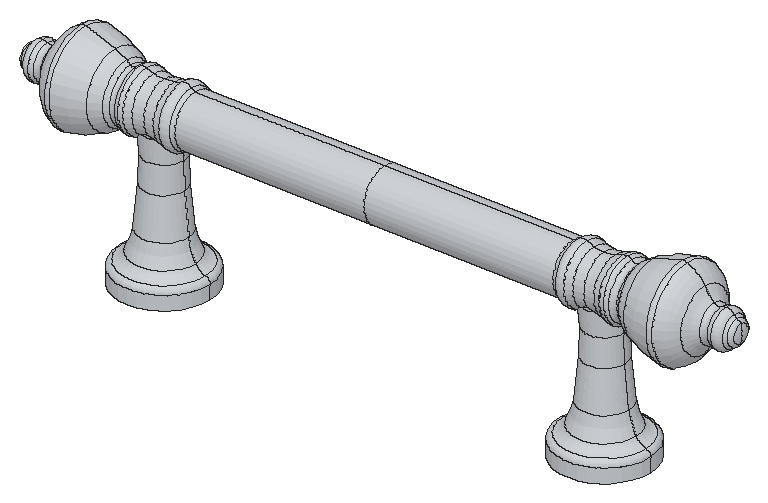
Revit family "Accessory-Cabinet_Pull-KOHLER-Kelston-K-13554", category Specialty Equipment, host Face, Revit 2015
Parameters (values of type "CP-Polished Chrome")
  Width = 1 3/8"  # constant formula
  URL = "https://www.us.kohler.com/us/"
  Type = 1
  Product Page URL = "http://www.us.kohler.com/us/catalog/productDetails.jsp?productNumber=13554"
  Product Name = "Kelston"  # constant formula
  Product Documentation Link = "http://www.us.kohler.com/onlinecatalog/pdf/K-13554_spec.pdf"
  Model = if(Type = 1, "K-13554-CP", if(Type = 2, "K-13554-BN", if(Type = 3, "K-13554-2BZ", "NA")))  # "K-13554-CP"
  Material = "Premium Metal Construction"  # constant formula
  MasterFormat 2004 = "10.28.13"  # constant formula
  MasterFormat 1995 = "10820"  # constant formula
  Manufacturer Address = "444 Highland Dr, Kohler, WI 53044"  # constant formula
  Manufacturer = "KOHLER Co."  # constant formula
  Length = 4 7/8"  # constant formula
  Height = 5/8"  # constant formula
  Finish = Kohler-Metal-CP-Polished_Chrome
  Environmental Product Declaration = ""
  Description = "Pull"  # constant formula
  Default Elevation = 42"
  Declare Label = ""
  Date Modified = "12/03/2018"  # constant formula
  Date Created = "12/03/2018"  # constant formula
  Copyright = "Copyright KOHLER Co."  # constant formula
  Contact Us = "https://www.us.kohler.com/us/static/contact.jsp"
  Assembly Code = "C1030200"
  ADA Compliant = 1 = 0  # no
Types (4): name | Type | Model | Finish
  (no name) | 1 | "K-13554-CP" | Kohler-Metal-CP-Polished_Chrome
  CP-Polished Chrome | 1 | "K-13554-CP" | Kohler-Metal-CP-Polished_Chrome
  BN-Vibrant Brushed Nickel | 2 | "K-13554-BN" | Kohler-Metal-BN-Vibrant_Brushed_Nickel
  2BZ-Oil_Rubbed Bronze | 3 | "K-13554-2BZ" | Kohler-Metal-2BZ-Oil_Rubbed_Bronze
Reference planes (in)
  plane 1 "Center (Front/Back)": y = 0
  plane 2: z = 0
  plane 3 "Center (Left/Right)": x = 0
  plane 4: x = -2.4375
  plane 5: y = -0.3125
  plane 6: y = 0.3125
  plane 7: x = 2.4375
  plane 8: z = 1.375
Dimensions and locks (in)
  "Length": plane 7 to plane 4
  "Width": level to plane 8
  "Height": plane 5 to plane 6
  aligned and locked: host face to plane 2
  aligned and locked: host face to level
Automatic sketch dimensions
  host sketch curve to host sketch curve = 96"  (x2)
Nested families (in)
  nested 1: "K-13554" at (0, 0, 0), type "K-13554"
Definition of nested family "K-13554"
  Parameters (values of type "K-13554")
    Material = none
  Reference planes (in)
    plane 1 "Center (Front/Back)": y = 0
    plane 2: z = 0
    plane 3 "Center (Left/Right)": x = 0
    plane 4: x = -1.5
    plane 5: x = 1.5
    plane 6: x = 1.1875
    plane 7: x = 1.8125
    plane 8: x = -1.8125
    plane 9: x = -1.1875
    plane 10: y = -0.3125
    plane 11: y = 0.3125
    plane 12: z = 1.375
    plane 13: x = -2.4375
    plane 14: x = 2.4375
    plane 15: z = 0.75
  Forms (in)
    Revolve 1, solid, material <- "Material", detail levels medium+fine
      sketch origin (0, 0, 0) x (1, 0, 0) y (0, 0, 1)
        loop
          line (-1.5, 1.0354) -> (-1.5, 0) -> (-1.1875, 0) -> (-1.1875, 0.0944)
          arc (-1.1875, 0.0944) -> (-1.19652, 0.12066) -> (-1.21978, 0.13584) r 0.04273
          arc (-1.21978, 0.13584) -> (-1.25881, 0.15489) -> (-1.28687, 0.18803) r 0.10565
          arc (-1.28687, 0.18803) -> (-1.31693, 0.25806) -> (-1.33394, 0.33233) r 0.42321
          arc (-1.33394, 0.33233) -> (-1.3502, 0.4688) -> (-1.36198, 0.60573) r 4.19051
          arc (-1.36198, 0.60573) -> (-1.36609, 0.69768) -> (-1.36564, 0.78972) r 1.8583
          arc (-1.36564, 0.78972) -> (-1.36169, 0.8676) -> (-1.35448, 0.94524) r 1.8583
          arc (-1.35448, 0.94524) -> (-1.35063, 0.99025) -> (-1.34935, 1.0354) r 0.79541
          line (-1.34935, 1.0354) -> (-1.5, 1.0354)
        axis (-1.5, 1.0354) -> (-1.5, 0)
      angle from 0 to 360
    Revolve 2, solid, material <- "Material", detail levels medium+fine
      sketch origin (0, 0, 0) x (-1, 0, 0) y (0, 0, 1)
        loop
          line (-1.5, 1.0354) -> (-1.5, 0) -> (-1.1875, 0) -> (-1.1875, 0.0944)
          arc (-1.1875, 0.0944) -> (-1.19652, 0.12066) -> (-1.21978, 0.13584) r 0.04273
          arc (-1.21978, 0.13584) -> (-1.25881, 0.15489) -> (-1.28687, 0.18803) r 0.10565
          arc (-1.28687, 0.18803) -> (-1.31693, 0.25806) -> (-1.33394, 0.33233) r 0.42321
          arc (-1.33394, 0.33233) -> (-1.3502, 0.4688) -> (-1.36198, 0.60573) r 4.19051
          arc (-1.36198, 0.60573) -> (-1.36609, 0.69768) -> (-1.36564, 0.78972) r 1.8583
          arc (-1.36564, 0.78972) -> (-1.36169, 0.8676) -> (-1.35448, 0.94524) r 1.8583
          arc (-1.35448, 0.94524) -> (-1.35063, 0.99025) -> (-1.34935, 1.0354) r 0.79541
          line (-1.34935, 1.0354) -> (-1.5, 1.0354)
        axis (-1.5, 1.0354) -> (-1.5, 0)
      angle from 0 to 360
    Revolve 3, solid, material <- "Material", detail levels medium+fine
      sketch origin (0, 0, 0) x (1, 0, 0) y (0, 0, 1)
        loop
          line (-2.4375, 1.0625) -> (2.4375, 1.0625)
          arc (2.4375, 1.0625) -> (2.43543, 1.09317) -> (2.42819, 1.12304) r 0.18099
          arc (2.42819, 1.12304) -> (2.41874, 1.13748) -> (2.40341, 1.1454) r 0.03393
          arc (2.40341, 1.1454) -> (2.3895, 1.15169) -> (2.37925, 1.16299) r 0.0375
          arc (2.37925, 1.16299) -> (2.3572, 1.1837) -> (2.32746, 1.18923) r 0.05376
          arc (2.32746, 1.18923) -> (2.31057, 1.18591) -> (2.29458, 1.17954) r 0.09307
          arc (2.29458, 1.17954) -> (2.26702, 1.17517) -> (2.24216, 1.18785) r 0.0451
          arc (2.24216, 1.18785) -> (2.20928, 1.22554) -> (2.18176, 1.26731) r 0.37188
          arc (2.18176, 1.26731) -> (2.13264, 1.32837) -> (2.06663, 1.3706) r 0.24272
          arc (2.06663, 1.3706) -> (2.05007, 1.37499) -> (2.03295, 1.37435) r 0.05809
          arc (2.03295, 1.37435) -> (1.92968, 1.34836) -> (1.83039, 1.30987) r 0.86524
          arc (1.83039, 1.30987) -> (1.79135, 1.28906) -> (1.755, 1.26384) r 0.3787
          arc (1.755, 1.26384) -> (1.74269, 1.25433) -> (1.73023, 1.245) r 1.04594
          arc (1.73023, 1.245) -> (1.70509, 1.23863) -> (1.68267, 1.25165) r 0.03434
          arc (1.68267, 1.25165) -> (1.67045, 1.26219) -> (1.65506, 1.26709) r 0.04027
          arc (1.65506, 1.26709) -> (1.63851, 1.26672) -> (1.6226, 1.26216) r 0.06462
          arc (1.6226, 1.26216) -> (1.59786, 1.2529) -> (1.57234, 1.24612) r 0.26761
          arc (1.57234, 1.24612) -> (1.53532, 1.24058) -> (1.49791, 1.23962) r 0.30461
          arc (1.49791, 1.23962) -> (1.46321, 1.24184) -> (1.42869, 1.24602) r 0.61651
          arc (1.42869, 1.24602) -> (1.40312, 1.25184) -> (1.37872, 1.26145) r 0.17381
          arc (1.37872, 1.26145) -> (1.34541, 1.26595) -> (1.31588, 1.24989) r 0.05404
          arc (1.31588, 1.24989) -> (1.30278, 1.24072) -> (1.28712, 1.23749) r 0.03953
          line (1.28712, 1.23749) -> (0, 1.23749) -> (-1.28712, 1.23749)
          arc (-1.28712, 1.23749) -> (-1.30278, 1.24072) -> (-1.31588, 1.24989) r 0.03953
          arc (-1.31588, 1.24989) -> (-1.34541, 1.26595) -> (-1.37872, 1.26145) r 0.05404
          arc (-1.37872, 1.26145) -> (-1.40312, 1.25184) -> (-1.42869, 1.24602) r 0.17381
          arc (-1.42869, 1.24602) -> (-1.46321, 1.24184) -> (-1.49791, 1.23962) r 0.61651
          arc (-1.49791, 1.23962) -> (-1.53532, 1.24058) -> (-1.57234, 1.24612) r 0.30461
          arc (-1.57234, 1.24612) -> (-1.59786, 1.2529) -> (-1.6226, 1.26216) r 0.26761
          arc (-1.6226, 1.26216) -> (-1.63851, 1.26672) -> (-1.65506, 1.26709) r 0.06462
          arc (-1.65506, 1.26709) -> (-1.67045, 1.26219) -> (-1.68267, 1.25165) r 0.04027
          arc (-1.68267, 1.25165) -> (-1.70509, 1.23863) -> (-1.73023, 1.245) r 0.03434
          arc (-1.73023, 1.245) -> (-1.74269, 1.25433) -> (-1.755, 1.26384) r 1.04594
          arc (-1.755, 1.26384) -> (-1.79135, 1.28906) -> (-1.83039, 1.30987) r 0.3787
          arc (-1.83039, 1.30987) -> (-1.92968, 1.34836) -> (-2.03295, 1.37435) r 0.86524
          arc (-2.03295, 1.37435) -> (-2.05007, 1.37499) -> (-2.06663, 1.3706) r 0.05809
          arc (-2.06663, 1.3706) -> (-2.13264, 1.32837) -> (-2.18176, 1.26731) r 0.24272
          arc (-2.18176, 1.26731) -> (-2.20928, 1.22554) -> (-2.24216, 1.18785) r 0.37188
          arc (-2.24216, 1.18785) -> (-2.26702, 1.17517) -> (-2.29458, 1.17954) r 0.0451
          arc (-2.29458, 1.17954) -> (-2.31057, 1.18591) -> (-2.32746, 1.18923) r 0.09307
          arc (-2.32746, 1.18923) -> (-2.3572, 1.1837) -> (-2.37925, 1.16299) r 0.05376
          arc (-2.37925, 1.16299) -> (-2.3895, 1.15169) -> (-2.40341, 1.1454) r 0.0375
          arc (-2.40341, 1.1454) -> (-2.41874, 1.13748) -> (-2.42819, 1.12304) r 0.03393
          arc (-2.42819, 1.12304) -> (-2.43543, 1.09317) -> (-2.4375, 1.0625) r 0.18099
        axis (-2.4375, 1.0625) -> (2.4375, 1.0625)
      angle from 0 to 360
    Revolve 4, solid, material <- "Material", detail levels coarse
      sketch origin (0, 0, 0) x (1, 0, 0) y (0, 0, 1)
        loop
          line (-1.5, 0) -> (-1.1875, 0) -> (-1.1875, 0.21687) -> (-1.30108, 0.21687) -> (-1.30108, 1.03155) -> (-1.5, 1.03155) -> (-1.5, 0)
        axis (-1.5, 1.03155) -> (-1.5, 0)
      angle from 0 to 360
    Revolve 5, solid, material <- "Material", detail levels coarse
      sketch origin (0, 0, 0) x (1, 0, 0) y (0, 0, 1)
        loop
          line (-2.4375, 1.06251) -> (2.4375, 1.06251) -> (2.4375, 1.18786) -> (2.24216, 1.18786) -> (2.24216, 1.375) -> (1.73319, 1.375) -> (1.73319, 1.2671) -> (0, 1.2671) -> (-1.73319, 1.2671) -> (-1.73319, 1.375) -> (-2.24216, 1.375) -> (-2.24216, 1.18786) -> (-2.4375, 1.18786) -> (-2.4375, 1.06251)
        axis (2.4375, 1.06251) -> (-2.4375, 1.06251)
      angle from 0 to 360
    Revolve 6, solid, material <- "Material", detail levels coarse
      sketch origin (0, 0, 0) x (-1, 0, 0) y (0, 0, 1)
        loop
          line (-1.5, 0) -> (-1.1875, 0) -> (-1.1875, 0.21687) -> (-1.30108, 0.21687) -> (-1.30108, 1.03155) -> (-1.5, 1.03155) -> (-1.5, 0)
        axis (-1.5, 1.03155) -> (-1.5, 0)
      angle from 0 to 360
  Cuts and joins
    joined: Revolve 1, Revolve 2, Revolve 3
    joined: Revolve 4, Revolve 5, Revolve 6
  Lines and regions (in)
    Masking region 1
      outline origin (0, 0, 0) x (1, 0, 0) y (0, 0, 1)
        loop
          line (-1.5, 0) -> (-1.1875, 0) -> (-1.1875, 0.0944)
          arc (-1.1875, 0.0944) -> (-1.19652, 0.12066) -> (-1.21978, 0.13584) r 0.04273
          arc (-1.21978, 0.13584) -> (-1.25881, 0.15489) -> (-1.28687, 0.18803) r 0.10565
          arc (-1.28687, 0.18803) -> (-1.31693, 0.25806) -> (-1.33394, 0.33233) r 0.42321
          arc (-1.33394, 0.33233) -> (-1.3502, 0.4688) -> (-1.36198, 0.60573) r 4.19051
          arc (-1.36198, 0.60573) -> (-1.36609, 0.69768) -> (-1.36564, 0.78972) r 1.8583
          arc (-1.36564, 0.78972) -> (-1.36429, 0.82419) -> (-1.36231, 0.85864) r 1.8583
          arc (-1.36231, 0.85864) -> (-1.33711, 0.86128) -> (-1.31588, 0.87512) r 0.05404
          arc (-1.31588, 0.87512) -> (-1.30278, 0.88429) -> (-1.28712, 0.88753) r 0.03953
          line (-1.28712, 0.88753) -> (0, 0.88753) -> (1.28712, 0.88753)
          arc (1.28712, 0.88753) -> (1.30278, 0.88429) -> (1.31588, 0.87512) r 0.03953
          arc (1.31588, 0.87512) -> (1.33711, 0.86128) -> (1.36231, 0.85864) r 0.05404
          arc (1.36231, 0.85864) -> (1.36429, 0.82419) -> (1.36564, 0.78972) r 1.8583
          arc (1.36564, 0.78972) -> (1.36609, 0.69768) -> (1.36198, 0.60573) r 1.8583
          arc (1.36198, 0.60573) -> (1.3502, 0.4688) -> (1.33394, 0.33233) r 4.19051
          arc (1.33394, 0.33233) -> (1.31693, 0.25806) -> (1.28687, 0.18803) r 0.42321
          arc (1.28687, 0.18803) -> (1.25881, 0.15489) -> (1.21978, 0.13584) r 0.10565
          arc (1.21978, 0.13584) -> (1.19652, 0.12066) -> (1.1875, 0.0944) r 0.04273
          line (1.1875, 0.0944) -> (1.1875, 0) -> (1.5, 0) -> (1.8125, 0) -> (1.8125, 0.0944)
          arc (1.8125, 0.0944) -> (1.80348, 0.12066) -> (1.78022, 0.13584) r 0.04273
          arc (1.78022, 0.13584) -> (1.74119, 0.15489) -> (1.71313, 0.18803) r 0.10565
          arc (1.71313, 0.18803) -> (1.68307, 0.25806) -> (1.66606, 0.33233) r 0.42321
          arc (1.66606, 0.33233) -> (1.6498, 0.4688) -> (1.63802, 0.60573) r 4.19051
          arc (1.63802, 0.60573) -> (1.63391, 0.69768) -> (1.63436, 0.78972) r 1.8583
          arc (1.63436, 0.78972) -> (1.6357, 0.82408) -> (1.63768, 0.85841) r 1.8583
          arc (1.63768, 0.85841) -> (1.66246, 0.85902) -> (1.68267, 0.87336) r 0.04244
          arc (1.68267, 0.87336) -> (1.70509, 0.88639) -> (1.73023, 0.88002) r 0.03434
          arc (1.73023, 0.88002) -> (1.74269, 0.87069) -> (1.755, 0.86118) r 1.04594
          arc (1.755, 0.86118) -> (1.79135, 0.83595) -> (1.83039, 0.81514) r 0.3787
          arc (1.83039, 0.81514) -> (1.87786, 0.79499) -> (1.92644, 0.7777) r 0.86524
          arc (1.92644, 0.7777) -> (1.98332, 0.76169) -> (2.04125, 0.75003) r 0.78137
          arc (2.04125, 0.75003) -> (2.07562, 0.75981) -> (2.10713, 0.77666) r 0.16771
          arc (2.10713, 0.77666) -> (2.1491, 0.81289) -> (2.18176, 0.8577) r 0.24272
          arc (2.18176, 0.8577) -> (2.20928, 0.89947) -> (2.24216, 0.93717) r 0.37188
          arc (2.24216, 0.93717) -> (2.26702, 0.94985) -> (2.29458, 0.94548) r 0.0451
          arc (2.29458, 0.94548) -> (2.31057, 0.9391) -> (2.32746, 0.93578) r 0.09307
          arc (2.32746, 0.93578) -> (2.3572, 0.94131) -> (2.37925, 0.96202) r 0.05376
          arc (2.37925, 0.96202) -> (2.3895, 0.97332) -> (2.40341, 0.97961) r 0.0375
          arc (2.40341, 0.97961) -> (2.41874, 0.98753) -> (2.42819, 1.00197) r 0.03393
          arc (2.42819, 1.00197) -> (2.43543, 1.03184) -> (2.4375, 1.06251) r 0.18099
          arc (2.4375, 1.06251) -> (2.43543, 1.09318) -> (2.42819, 1.12306) r 0.18099
          arc (2.42819, 1.12306) -> (2.41874, 1.1375) -> (2.40341, 1.14542) r 0.03393
          arc (2.40341, 1.14542) -> (2.3895, 1.1517) -> (2.37925, 1.16301) r 0.0375
          arc (2.37925, 1.16301) -> (2.3572, 1.18372) -> (2.32746, 1.18925) r 0.05376
          arc (2.32746, 1.18925) -> (2.31057, 1.18593) -> (2.29458, 1.17955) r 0.09307
          arc (2.29458, 1.17955) -> (2.26702, 1.17518) -> (2.24216, 1.18786) r 0.0451
          arc (2.24216, 1.18786) -> (2.20928, 1.22556) -> (2.18176, 1.26733) r 0.37188
          arc (2.18176, 1.26733) -> (2.1491, 1.31214) -> (2.10713, 1.34837) r 0.24272
          arc (2.10713, 1.34837) -> (2.07562, 1.36521) -> (2.04125, 1.375) r 0.16771
          arc (2.04125, 1.375) -> (1.98332, 1.36334) -> (1.92644, 1.34733) r 0.78137
          arc (1.92644, 1.34733) -> (1.87786, 1.33004) -> (1.83039, 1.30989) r 0.86524
          arc (1.83039, 1.30989) -> (1.79135, 1.28908) -> (1.755, 1.26385) r 0.3787
          arc (1.755, 1.26385) -> (1.74269, 1.25434) -> (1.73023, 1.24501) r 1.04594
          arc (1.73023, 1.24501) -> (1.70509, 1.23864) -> (1.68267, 1.25167) r 0.03434
          arc (1.68267, 1.25167) -> (1.67045, 1.26221) -> (1.65506, 1.2671) r 0.04027
          arc (1.65506, 1.2671) -> (1.63851, 1.26673) -> (1.6226, 1.26217) r 0.06462
          arc (1.6226, 1.26217) -> (1.59786, 1.25291) -> (1.57234, 1.24613) r 0.26761
          arc (1.57234, 1.24613) -> (1.53532, 1.24059) -> (1.49791, 1.23963) r 0.30461
          arc (1.49791, 1.23963) -> (1.46321, 1.24185) -> (1.42869, 1.24603) r 0.61651
          arc (1.42869, 1.24603) -> (1.40312, 1.25186) -> (1.37872, 1.26146) r 0.17381
          arc (1.37872, 1.26146) -> (1.34541, 1.26597) -> (1.31588, 1.2499) r 0.05404
          arc (1.31588, 1.2499) -> (1.30278, 1.24073) -> (1.28712, 1.2375) r 0.03953
          line (1.28712, 1.2375) -> (0, 1.2375) -> (-1.28712, 1.2375)
          arc (-1.28712, 1.2375) -> (-1.30278, 1.24073) -> (-1.31588, 1.2499) r 0.03953
          arc (-1.31588, 1.2499) -> (-1.34541, 1.26597) -> (-1.37872, 1.26146) r 0.05404
          arc (-1.37872, 1.26146) -> (-1.40312, 1.25186) -> (-1.42869, 1.24603) r 0.17381
          arc (-1.42869, 1.24603) -> (-1.46321, 1.24185) -> (-1.49791, 1.23963) r 0.61651
          arc (-1.49791, 1.23963) -> (-1.53532, 1.24059) -> (-1.57234, 1.24613) r 0.30461
          arc (-1.57234, 1.24613) -> (-1.59786, 1.25291) -> (-1.6226, 1.26217) r 0.26761
          arc (-1.6226, 1.26217) -> (-1.63851, 1.26673) -> (-1.65506, 1.2671) r 0.06462
          arc (-1.65506, 1.2671) -> (-1.67045, 1.26221) -> (-1.68267, 1.25167) r 0.04027
          arc (-1.68267, 1.25167) -> (-1.70509, 1.23864) -> (-1.73023, 1.24501) r 0.03434
          arc (-1.73023, 1.24501) -> (-1.74269, 1.25434) -> (-1.755, 1.26385) r 1.04594
          arc (-1.755, 1.26385) -> (-1.79135, 1.28908) -> (-1.83039, 1.30989) r 0.3787
          arc (-1.83039, 1.30989) -> (-1.87689, 1.32967) -> (-1.92447, 1.3467) r 0.86524
          arc (-1.92447, 1.3467) -> (-1.98444, 1.36342) -> (-2.04562, 1.375) r 0.73287
          arc (-2.04562, 1.375) -> (-2.0806, 1.36311) -> (-2.11256, 1.34456) r 0.18673
          arc (-2.11256, 1.34456) -> (-2.15133, 1.30968) -> (-2.18176, 1.26733) r 0.24272
          arc (-2.18176, 1.26733) -> (-2.20928, 1.22556) -> (-2.24216, 1.18786) r 0.37188
          arc (-2.24216, 1.18786) -> (-2.26702, 1.17518) -> (-2.29458, 1.17955) r 0.0451
          arc (-2.29458, 1.17955) -> (-2.31057, 1.18593) -> (-2.32746, 1.18925) r 0.09307
          arc (-2.32746, 1.18925) -> (-2.3572, 1.18372) -> (-2.37925, 1.16301) r 0.05376
          arc (-2.37925, 1.16301) -> (-2.3895, 1.1517) -> (-2.40341, 1.14542) r 0.0375
          arc (-2.40341, 1.14542) -> (-2.41874, 1.1375) -> (-2.42819, 1.12306) r 0.03393
          arc (-2.42819, 1.12306) -> (-2.43543, 1.09318) -> (-2.4375, 1.06251) r 0.18099
          arc (-2.4375, 1.06251) -> (-2.43543, 1.03184) -> (-2.42819, 1.00197) r 0.18099
          arc (-2.42819, 1.00197) -> (-2.41874, 0.98753) -> (-2.40341, 0.97961) r 0.03393
          arc (-2.40341, 0.97961) -> (-2.3895, 0.97332) -> (-2.37925, 0.96202) r 0.0375
          arc (-2.37925, 0.96202) -> (-2.3572, 0.94131) -> (-2.32746, 0.93578) r 0.05376
          arc (-2.32746, 0.93578) -> (-2.31057, 0.9391) -> (-2.29458, 0.94548) r 0.09307
          arc (-2.29458, 0.94548) -> (-2.26702, 0.94985) -> (-2.24216, 0.93717) r 0.0451
          arc (-2.24216, 0.93717) -> (-2.20928, 0.89947) -> (-2.18176, 0.8577) r 0.37188
          arc (-2.18176, 0.8577) -> (-2.15133, 0.81535) -> (-2.11256, 0.78047) r 0.24272
          arc (-2.11256, 0.78047) -> (-2.0806, 0.76192) -> (-2.04562, 0.75003) r 0.18673
          arc (-2.04562, 0.75003) -> (-1.98444, 0.76161) -> (-1.92447, 0.77833) r 0.73287
          arc (-1.92447, 0.77833) -> (-1.87689, 0.79536) -> (-1.83039, 0.81514) r 0.86524
          arc (-1.83039, 0.81514) -> (-1.79135, 0.83595) -> (-1.755, 0.86118) r 0.3787
          arc (-1.755, 0.86118) -> (-1.74269, 0.87069) -> (-1.73023, 0.88002) r 1.04594
          arc (-1.73023, 0.88002) -> (-1.70509, 0.88639) -> (-1.68267, 0.87336) r 0.03434
          arc (-1.68267, 0.87336) -> (-1.66239, 0.8594) -> (-1.63777, 0.85986) r 0.04027
          arc (-1.63777, 0.85986) -> (-1.63574, 0.82481) -> (-1.63436, 0.78972) r 1.8583
          arc (-1.63436, 0.78972) -> (-1.63391, 0.69768) -> (-1.63802, 0.60573) r 1.8583
          arc (-1.63802, 0.60573) -> (-1.6498, 0.4688) -> (-1.66606, 0.33233) r 4.19051
          arc (-1.66606, 0.33233) -> (-1.68307, 0.25806) -> (-1.71313, 0.18803) r 0.42321
          arc (-1.71313, 0.18803) -> (-1.74119, 0.15489) -> (-1.78022, 0.13584) r 0.10565
          arc (-1.78022, 0.13584) -> (-1.80348, 0.12066) -> (-1.8125, 0.0944) r 0.04273
          line (-1.8125, 0.0944) -> (-1.8125, 0) -> (-1.5, 0)
    Masking region 2
      outline origin (0, 0, 0) x (0, 1, 0) y (0, 0, 1)
        loop
          line (0, 0) -> (0.3125, 0) -> (0.3125, 0.0944)
          arc (0.3125, 0.0944) -> (0.30348, 0.12066) -> (0.28022, 0.13584) r 0.04273
          arc (0.28022, 0.13584) -> (0.24119, 0.15489) -> (0.21313, 0.18803) r 0.10565
          arc (0.21313, 0.18803) -> (0.18307, 0.25806) -> (0.16606, 0.33233) r 0.42321
          arc (0.16606, 0.33233) -> (0.1498, 0.4688) -> (0.13802, 0.60573) r 4.19051
          arc (0.13802, 0.60573) -> (0.13401, 0.69294) -> (0.13411, 0.78024) r 1.8583
          arc (0.13411, 0.78024) -> (0.26433, 0.8958) -> (0.3125, 1.06311) r 0.3125
          arc (0.3125, 1.06311) -> (0.22076, 1.28369) -> (0, 1.375) r 0.3125
          arc (0, 1.375) -> (-0.22076, 1.28369) -> (-0.3125, 1.06311) r 0.3125
          arc (-0.3125, 1.06311) -> (-0.26433, 0.8958) -> (-0.13411, 0.78024) r 0.3125
          arc (-0.13411, 0.78024) -> (-0.13401, 0.69294) -> (-0.13802, 0.60573) r 1.8583
          arc (-0.13802, 0.60573) -> (-0.1498, 0.4688) -> (-0.16606, 0.33233) r 4.19051
          arc (-0.16606, 0.33233) -> (-0.18307, 0.25806) -> (-0.21313, 0.18803) r 0.42321
          arc (-0.21313, 0.18803) -> (-0.24119, 0.15489) -> (-0.28022, 0.13584) r 0.10565
          arc (-0.28022, 0.13584) -> (-0.30348, 0.12066) -> (-0.3125, 0.0944) r 0.04273
          line (-0.3125, 0.0944) -> (-0.3125, 0) -> (0, 0)
    Masking region 3
      outline origin (0, 0, 0) x (1, 0, 0) y (0, 1, 0)
        loop
          arc (-2.37925, 0.10049) -> (-2.3895, 0.08919) -> (-2.40341, 0.0829) r 0.0375
          arc (-2.40341, 0.0829) -> (-2.41874, 0.07498) -> (-2.42819, 0.06054) r 0.03393
          arc (-2.42819, 0.06054) -> (-2.43543, 0.03067) -> (-2.4375, 0) r 0.18099
          arc (-2.4375, 0) -> (-2.43543, -0.03067) -> (-2.42819, -0.06054) r 0.18099
          arc (-2.42819, -0.06054) -> (-2.41874, -0.07498) -> (-2.40341, -0.0829) r 0.03393
          arc (-2.40341, -0.0829) -> (-2.3895, -0.08919) -> (-2.37925, -0.10049) r 0.0375
          arc (-2.37925, -0.10049) -> (-2.3572, -0.1212) -> (-2.32746, -0.12673) r 0.05376
          arc (-2.32746, -0.12673) -> (-2.31057, -0.12341) -> (-2.29458, -0.11704) r 0.09307
          arc (-2.29458, -0.11704) -> (-2.26702, -0.11267) -> (-2.24216, -0.12535) r 0.0451
          arc (-2.24216, -0.12535) -> (-2.20928, -0.16304) -> (-2.18176, -0.20481) r 0.37188
          arc (-2.18176, -0.20481) -> (-2.13264, -0.26587) -> (-2.06663, -0.3081) r 0.24272
          arc (-2.06663, -0.3081) -> (-2.05007, -0.31249) -> (-2.03295, -0.31185) r 0.05809
          arc (-2.03295, -0.31185) -> (-1.92968, -0.28586) -> (-1.83039, -0.24737) r 0.86524
          arc (-1.83039, -0.24737) -> (-1.78608, -0.22329) -> (-1.74537, -0.19352) r 0.3787
          arc (-1.74537, -0.19352) -> (-1.63635, -0.28119) -> (-1.5, -0.3125) r 0.3125
          arc (-1.5, -0.3125) -> (-1.35342, -0.27599) -> (-1.24109, -0.17499) r 0.3125
          line (-1.24109, -0.17499) -> (0, -0.17499) -> (1.24109, -0.17499)
          arc (1.24109, -0.17499) -> (1.35342, -0.27599) -> (1.5, -0.3125) r 0.3125
          arc (1.5, -0.3125) -> (1.63635, -0.28119) -> (1.74537, -0.19352) r 0.3125
          arc (1.74537, -0.19352) -> (1.78608, -0.22329) -> (1.83039, -0.24737) r 0.3787
          arc (1.83039, -0.24737) -> (1.92968, -0.28586) -> (2.03295, -0.31185) r 0.86524
          arc (2.03295, -0.31185) -> (2.05007, -0.31249) -> (2.06663, -0.3081) r 0.05809
          arc (2.06663, -0.3081) -> (2.13264, -0.26587) -> (2.18176, -0.20481) r 0.24272
          arc (2.18176, -0.20481) -> (2.20928, -0.16304) -> (2.24216, -0.12535) r 0.37188
          arc (2.24216, -0.12535) -> (2.26702, -0.11267) -> (2.29458, -0.11704) r 0.0451
          arc (2.29458, -0.11704) -> (2.31057, -0.12341) -> (2.32746, -0.12673) r 0.09307
          arc (2.32746, -0.12673) -> (2.3572, -0.1212) -> (2.37925, -0.10049) r 0.05376
          arc (2.37925, -0.10049) -> (2.3895, -0.08919) -> (2.40341, -0.0829) r 0.0375
          arc (2.40341, -0.0829) -> (2.41874, -0.07498) -> (2.42819, -0.06054) r 0.03393
          arc (2.42819, -0.06054) -> (2.43543, -0.03067) -> (2.4375, 0) r 0.18099
          arc (2.4375, 0) -> (2.43543, 0.03067) -> (2.42819, 0.06054) r 0.18099
          arc (2.42819, 0.06054) -> (2.41874, 0.07498) -> (2.40341, 0.0829) r 0.03393
          arc (2.40341, 0.0829) -> (2.3895, 0.08919) -> (2.37925, 0.10049) r 0.0375
          arc (2.37925, 0.10049) -> (2.3572, 0.1212) -> (2.32746, 0.12673) r 0.05376
          arc (2.32746, 0.12673) -> (2.31057, 0.12341) -> (2.29458, 0.11704) r 0.09307
          arc (2.29458, 0.11704) -> (2.26702, 0.11267) -> (2.24216, 0.12535) r 0.0451
          arc (2.24216, 0.12535) -> (2.20928, 0.16304) -> (2.18176, 0.20481) r 0.37188
          arc (2.18176, 0.20481) -> (2.13264, 0.26587) -> (2.06663, 0.3081) r 0.24272
          arc (2.06663, 0.3081) -> (2.05007, 0.31249) -> (2.03295, 0.31185) r 0.05809
          arc (2.03295, 0.31185) -> (1.92968, 0.28586) -> (1.83039, 0.24737) r 0.86524
          arc (1.83039, 0.24737) -> (1.78608, 0.22329) -> (1.74537, 0.19352) r 0.3787
          arc (1.74537, 0.19352) -> (1.63635, 0.28119) -> (1.5, 0.3125) r 0.3125
          arc (1.5, 0.3125) -> (1.35342, 0.27599) -> (1.24109, 0.17499) r 0.3125
          line (1.24109, 0.17499) -> (0, 0.17499) -> (-1.24109, 0.17499)
          arc (-1.24109, 0.17499) -> (-1.35342, 0.27599) -> (-1.5, 0.3125) r 0.3125
          arc (-1.5, 0.3125) -> (-1.63635, 0.28119) -> (-1.74537, 0.19352) r 0.3125
          arc (-1.74537, 0.19352) -> (-1.78608, 0.22329) -> (-1.83039, 0.24737) r 0.3787
          arc (-1.83039, 0.24737) -> (-1.92968, 0.28586) -> (-2.03295, 0.31185) r 0.86524
          arc (-2.03295, 0.31185) -> (-2.05007, 0.31249) -> (-2.06663, 0.3081) r 0.05809
          arc (-2.06663, 0.3081) -> (-2.13264, 0.26587) -> (-2.18176, 0.20481) r 0.24272
          arc (-2.18176, 0.20481) -> (-2.20928, 0.16304) -> (-2.24216, 0.12535) r 0.37188
          arc (-2.24216, 0.12535) -> (-2.26702, 0.11267) -> (-2.29458, 0.11704) r 0.0451
          arc (-2.29458, 0.11704) -> (-2.31057, 0.12341) -> (-2.32746, 0.12673) r 0.09307
          arc (-2.32746, 0.12673) -> (-2.3572, 0.1212) -> (-2.37925, 0.10049) r 0.05376
    symbolic lines, detail levels medium+fine
      curve 1: line (-1.8125, 0, 0.0944) -> (-1.1875, 0, 0.0944)
      curve 2: line (-2.40341, 0, 1.14542) -> (-2.40341, 0, 0.97961)
      curve 3: line (-2.24216, 0, 1.18786) -> (-2.24216, 0, 0.93717)
      curve 4: line (-1.73023, 0, 1.24501) -> (-1.73023, 0, 0.88002)
      curve 5: line (-1.68267, 0, 1.25167) -> (-1.68267, 0, 0.87336)
      curve 6: line (-2.37925, 0, 1.16301) -> (-2.37925, 0, 0.96202)
      curve 7: arc (-1.5, 0, 0.96514) -> (-1.53156, 0, 0.95806) -> (-1.55808, 0, 0.93954) r 0.08365
      curve 8: arc (-1.5, 0, 0.96514) -> (-1.46844, 0, 0.95806) -> (-1.44192, 0, 0.93954) r 0.08365
      curve 9: arc (-1.44192, 0, 0.93954) -> (-1.40234, 0, 0.89887) -> (-1.36231, 0, 0.85864) r 5.15433
      curve 10: arc (-1.55808, 0, 0.93954) -> (-1.59755, 0, 0.89932) -> (-1.63777, 0, 0.85986) r 2.94426
      curve 11: line (-1.28712, 0, 1.2375) -> (-1.28712, 0, 0.88753)
      curve 12: line (-1.34541, 0, 1.26597) -> (-1.34541, 0, 0.85906)
      curve 13: line (-1.65506, 0, 1.2671) -> (-1.65506, 0, 0.85793)
      curve 14: line (1.8125, 0, 0.0944) -> (1.1875, 0, 0.0944)
      curve 15: line (2.40341, 0, 1.14542) -> (2.40341, 0, 0.97961)
      curve 16: line (2.24216, 0, 1.18786) -> (2.24216, 0, 0.93717)
      curve 17: line (1.73023, 0, 1.24501) -> (1.73023, 0, 0.88002)
      curve 18: line (1.68267, 0, 1.25167) -> (1.68267, 0, 0.87336)
      curve 19: line (2.37925, 0, 1.16301) -> (2.37925, 0, 0.96202)
      curve 20: arc (1.5, 0, 0.96514) -> (1.53156, 0, 0.95806) -> (1.55808, 0, 0.93954) r 0.08365
      curve 21: arc (1.5, 0, 0.96514) -> (1.46844, 0, 0.95806) -> (1.44192, 0, 0.93954) r 0.08365
      curve 22: arc (1.44192, 0, 0.93954) -> (1.40234, 0, 0.89887) -> (1.36231, 0, 0.85864) r 5.15433
      curve 23: arc (1.55808, 0, 0.93954) -> (1.59755, 0, 0.89932) -> (1.63777, 0, 0.85986) r 2.94426
      curve 24: line (1.28712, 0, 1.2375) -> (1.28712, 0, 0.88753)
      curve 25: line (1.34541, 0, 1.26597) -> (1.34541, 0, 0.85906)
      curve 26: line (1.65506, 0, 1.2671) -> (1.65506, 0, 0.85793)
      curve 27: line (0, 0.3125, 0.0944) -> (0, -0.3125, 0.0944)
      curve 28: circle (0, 0, 1.0625) r 0.12826 normal (1, 0, 0)
      curve 29: circle (0, 0, 1.0625) r 0.08264 normal (1, 0, 0)
      curve 30: arc (0, 0, 0.75) -> (0, 0.06908, 0.75612) -> (0, 0.13411, 0.78024) r 0.26059
      curve 31: arc (0, -0.13411, 0.78024) -> (0, -0.06839, 0.75918) -> (0, 0, 0.75) r 0.39126
      curve 32: arc (-1.72086, 0.1782, 0) -> (-1.73338, 0.18543, 0) -> (-1.74537, 0.19352, 0) r 0.20771
      curve 33: arc (-1.69356, 0.18016, 0) -> (-1.70692, 0.17525, 0) -> (-1.72086, 0.1782, 0) r 0.02573
      curve 34: arc (-1.67459, 0.19651, 0) -> (-1.68375, 0.18796, 0) -> (-1.69356, 0.18016, 0) r 0.15872
      curve 35: arc (-1.65056, 0.20485, 0) -> (-1.66355, 0.20347, 0) -> (-1.67459, 0.19651, 0) r 0.02885
      curve 36: arc (-1.61166, 0.19586, 0) -> (-1.63088, 0.20137, 0) -> (-1.65056, 0.20485, 0) r 0.19126
      curve 37: arc (-1.56065, 0.1818, 0) -> (-1.58638, 0.18803, 0) -> (-1.61166, 0.19586, 0) r 0.42198
      curve 38: arc (-1.5, 0.17722, 0) -> (-1.53048, 0.17752, 0) -> (-1.56065, 0.1818, 0) r 0.23298
      curve 39: arc (-1.32541, 0.19651, 0) -> (-1.31625, 0.18796, 0) -> (-1.30644, 0.18016, 0) r 0.15872
      curve 40: arc (-1.34944, 0.20485, 0) -> (-1.33645, 0.20347, 0) -> (-1.32541, 0.19651, 0) r 0.02885
      curve 41: arc (-1.38834, 0.19586, 0) -> (-1.36912, 0.20137, 0) -> (-1.34944, 0.20485, 0) r 0.19126
      curve 42: arc (-1.43935, 0.1818, 0) -> (-1.41362, 0.18803, 0) -> (-1.38834, 0.19586, 0) r 0.42198
      curve 43: arc (-1.5, 0.17722, 0) -> (-1.46952, 0.17752, 0) -> (-1.43935, 0.1818, 0) r 0.23298
      curve 44: line (-1.24109, 0.17499, 0) -> (-1.29184, 0.17499, 0)
      curve 45: arc (-1.30644, 0.18016, 0) -> (-1.29952, 0.1765, 0) -> (-1.29184, 0.17499, 0) r 0.02691
      curve 46: arc (-1.72086, -0.1782, 0) -> (-1.73338, -0.18543, 0) -> (-1.74537, -0.19352, 0) r 0.20771
      curve 47: arc (-1.69356, -0.18016, 0) -> (-1.70692, -0.17525, 0) -> (-1.72086, -0.1782, 0) r 0.02573
      curve 48: arc (-1.67459, -0.19651, 0) -> (-1.68375, -0.18796, 0) -> (-1.69356, -0.18016, 0) r 0.15872
      curve 49: arc (-1.65056, -0.20485, 0) -> (-1.66355, -0.20347, 0) -> (-1.67459, -0.19651, 0) r 0.02885
      curve 50: arc (-1.61166, -0.19586, 0) -> (-1.63088, -0.20137, 0) -> (-1.65056, -0.20485, 0) r 0.19126
      curve 51: arc (-1.56065, -0.1818, 0) -> (-1.58638, -0.18803, 0) -> (-1.61166, -0.19586, 0) r 0.42198
      curve 52: arc (-1.5, -0.17722, 0) -> (-1.53048, -0.17752, 0) -> (-1.56065, -0.1818, 0) r 0.23298
      curve 53: arc (-1.32541, -0.19651, 0) -> (-1.31625, -0.18796, 0) -> (-1.30644, -0.18016, 0) r 0.15872
      curve 54: arc (-1.34944, -0.20485, 0) -> (-1.33645, -0.20347, 0) -> (-1.32541, -0.19651, 0) r 0.02885
      curve 55: arc (-1.38834, -0.19586, 0) -> (-1.36912, -0.20137, 0) -> (-1.34944, -0.20485, 0) r 0.19126
      curve 56: arc (-1.43935, -0.1818, 0) -> (-1.41362, -0.18803, 0) -> (-1.38834, -0.19586, 0) r 0.42198
      curve 57: arc (-1.5, -0.17722, 0) -> (-1.46952, -0.17752, 0) -> (-1.43935, -0.1818, 0) r 0.23298
      curve 58: line (-1.24109, -0.17499, 0) -> (-1.29184, -0.17499, 0)
      curve 59: arc (-1.30644, -0.18016, 0) -> (-1.29952, -0.1765, 0) -> (-1.29184, -0.17499, 0) r 0.02691
      curve 60: arc (1.72086, 0.1782, 0) -> (1.73338, 0.18543, 0) -> (1.74537, 0.19352, 0) r 0.20771
      curve 61: arc (1.69356, 0.18016, 0) -> (1.70692, 0.17525, 0) -> (1.72086, 0.1782, 0) r 0.02573
      curve 62: arc (1.67459, 0.19651, 0) -> (1.68375, 0.18796, 0) -> (1.69356, 0.18016, 0) r 0.15872
      curve 63: arc (1.65056, 0.20485, 0) -> (1.66355, 0.20347, 0) -> (1.67459, 0.19651, 0) r 0.02885
      curve 64: arc (1.61166, 0.19586, 0) -> (1.63088, 0.20137, 0) -> (1.65056, 0.20485, 0) r 0.19126
      curve 65: arc (1.56065, 0.1818, 0) -> (1.58638, 0.18803, 0) -> (1.61166, 0.19586, 0) r 0.42198
      curve 66: arc (1.5, 0.17722, 0) -> (1.53048, 0.17752, 0) -> (1.56065, 0.1818, 0) r 0.23298
      curve 67: arc (1.32541, 0.19651, 0) -> (1.31625, 0.18796, 0) -> (1.30644, 0.18016, 0) r 0.15872
      curve 68: arc (1.34944, 0.20485, 0) -> (1.33645, 0.20347, 0) -> (1.32541, 0.19651, 0) r 0.02885
      curve 69: arc (1.38834, 0.19586, 0) -> (1.36912, 0.20137, 0) -> (1.34944, 0.20485, 0) r 0.19126
      curve 70: arc (1.43935, 0.1818, 0) -> (1.41362, 0.18803, 0) -> (1.38834, 0.19586, 0) r 0.42198
      curve 71: arc (1.5, 0.17722, 0) -> (1.46952, 0.17752, 0) -> (1.43935, 0.1818, 0) r 0.23298
      curve 72: line (1.24109, 0.17499, 0) -> (1.29184, 0.17499, 0)
      curve 73: arc (1.30644, 0.18016, 0) -> (1.29952, 0.1765, 0) -> (1.29184, 0.17499, 0) r 0.02691
      curve 74: arc (1.72086, -0.1782, 0) -> (1.73338, -0.18543, 0) -> (1.74537, -0.19352, 0) r 0.20771
      curve 75: arc (1.69356, -0.18016, 0) -> (1.70692, -0.17525, 0) -> (1.72086, -0.1782, 0) r 0.02573
      curve 76: arc (1.67459, -0.19651, 0) -> (1.68375, -0.18796, 0) -> (1.69356, -0.18016, 0) r 0.15872
      curve 77: arc (1.65056, -0.20485, 0) -> (1.66355, -0.20347, 0) -> (1.67459, -0.19651, 0) r 0.02885
      curve 78: arc (1.61166, -0.19586, 0) -> (1.63088, -0.20137, 0) -> (1.65056, -0.20485, 0) r 0.19126
      curve 79: arc (1.56065, -0.1818, 0) -> (1.58638, -0.18803, 0) -> (1.61166, -0.19586, 0) r 0.42198
      curve 80: arc (1.5, -0.17722, 0) -> (1.53048, -0.17752, 0) -> (1.56065, -0.1818, 0) r 0.23298
      curve 81: arc (1.32541, -0.19651, 0) -> (1.31625, -0.18796, 0) -> (1.30644, -0.18016, 0) r 0.15872
      curve 82: arc (1.34944, -0.20485, 0) -> (1.33645, -0.20347, 0) -> (1.32541, -0.19651, 0) r 0.02885
      curve 83: arc (1.38834, -0.19586, 0) -> (1.36912, -0.20137, 0) -> (1.34944, -0.20485, 0) r 0.19126
      curve 84: arc (1.43935, -0.1818, 0) -> (1.41362, -0.18803, 0) -> (1.38834, -0.19586, 0) r 0.42198
      curve 85: arc (1.5, -0.17722, 0) -> (1.46952, -0.17752, 0) -> (1.43935, -0.1818, 0) r 0.23298
      curve 86: line (1.24109, -0.17499, 0) -> (1.29184, -0.17499, 0)
      curve 87: arc (1.30644, -0.18016, 0) -> (1.29952, -0.1765, 0) -> (1.29184, -0.17499, 0) r 0.02691
      curve 88: line (-2.40341, 0.0829, 0) -> (-2.40341, -0.0829, 0)
      curve 89: line (-2.37925, 0.10049, 0) -> (-2.37925, -0.10049, 0)
      curve 90: line (-2.24216, 0.12535, 0) -> (-2.24216, -0.12535, 0)
      curve 91: line (-1.72086, 0.1782, 0) -> (-1.72086, -0.1782, 0)
      curve 92: line (-1.67459, 0.19651, 0) -> (-1.67459, -0.19651, 0)
      curve 93: line (-1.69356, 0.18016, 0) -> (-1.69356, -0.18016, 0)
      curve 94: line (-1.29184, 0.17499, 0) -> (-1.29184, -0.17499, 0)
      curve 95: line (-1.34591, 0.20506, 0) -> (-1.34591, -0.20506, 0)
      curve 96: arc (1.72086, 0.1782, 0) -> (1.73338, 0.18543, 0) -> (1.74537, 0.19352, 0) r 0.20771
      curve 97: arc (1.69356, 0.18016, 0) -> (1.70692, 0.17525, 0) -> (1.72086, 0.1782, 0) r 0.02573
      curve 98: arc (1.67459, 0.19651, 0) -> (1.68375, 0.18796, 0) -> (1.69356, 0.18016, 0) r 0.15872
      curve 99: arc (1.65056, 0.20485, 0) -> (1.66355, 0.20347, 0) -> (1.67459, 0.19651, 0) r 0.02885
      curve 100: arc (1.61166, 0.19586, 0) -> (1.63088, 0.20137, 0) -> (1.65056, 0.20485, 0) r 0.19126
      curve 101: arc (1.56065, 0.1818, 0) -> (1.58638, 0.18803, 0) -> (1.61166, 0.19586, 0) r 0.42198
      curve 102: arc (1.5, 0.17722, 0) -> (1.53048, 0.17752, 0) -> (1.56065, 0.1818, 0) r 0.23298
      curve 103: arc (1.32541, 0.19651, 0) -> (1.31625, 0.18796, 0) -> (1.30644, 0.18016, 0) r 0.15872
      curve 104: arc (1.34944, 0.20485, 0) -> (1.33645, 0.20347, 0) -> (1.32541, 0.19651, 0) r 0.02885
      curve 105: arc (1.38834, 0.19586, 0) -> (1.36912, 0.20137, 0) -> (1.34944, 0.20485, 0) r 0.19126
      curve 106: arc (1.43935, 0.1818, 0) -> (1.41362, 0.18803, 0) -> (1.38834, 0.19586, 0) r 0.42198
      curve 107: arc (1.5, 0.17722, 0) -> (1.46952, 0.17752, 0) -> (1.43935, 0.1818, 0) r 0.23298
      curve 108: line (1.24109, 0.17499, 0) -> (1.29184, 0.17499, 0)
      curve 109: arc (1.30644, 0.18016, 0) -> (1.29952, 0.1765, 0) -> (1.29184, 0.17499, 0) r 0.02691
      curve 110: arc (1.72086, -0.1782, 0) -> (1.73338, -0.18543, 0) -> (1.74537, -0.19352, 0) r 0.20771
      curve 111: arc (1.69356, -0.18016, 0) -> (1.70692, -0.17525, 0) -> (1.72086, -0.1782, 0) r 0.02573
      curve 112: arc (1.67459, -0.19651, 0) -> (1.68375, -0.18796, 0) -> (1.69356, -0.18016, 0) r 0.15872
      curve 113: arc (1.65056, -0.20485, 0) -> (1.66355, -0.20347, 0) -> (1.67459, -0.19651, 0) r 0.02885
      curve 114: arc (1.61166, -0.19586, 0) -> (1.63088, -0.20137, 0) -> (1.65056, -0.20485, 0) r 0.19126
      curve 115: arc (1.56065, -0.1818, 0) -> (1.58638, -0.18803, 0) -> (1.61166, -0.19586, 0) r 0.42198
      curve 116: arc (1.5, -0.17722, 0) -> (1.53048, -0.17752, 0) -> (1.56065, -0.1818, 0) r 0.23298
      curve 117: arc (1.32541, -0.19651, 0) -> (1.31625, -0.18796, 0) -> (1.30644, -0.18016, 0) r 0.15872
      curve 118: arc (1.34944, -0.20485, 0) -> (1.33645, -0.20347, 0) -> (1.32541, -0.19651, 0) r 0.02885
      curve 119: arc (1.38834, -0.19586, 0) -> (1.36912, -0.20137, 0) -> (1.34944, -0.20485, 0) r 0.19126
      curve 120: arc (1.43935, -0.1818, 0) -> (1.41362, -0.18803, 0) -> (1.38834, -0.19586, 0) r 0.42198
      curve 121: arc (1.5, -0.17722, 0) -> (1.46952, -0.17752, 0) -> (1.43935, -0.1818, 0) r 0.23298
      curve 122: line (1.24109, -0.17499, 0) -> (1.29184, -0.17499, 0)
      curve 123: arc (1.30644, -0.18016, 0) -> (1.29952, -0.1765, 0) -> (1.29184, -0.17499, 0) r 0.02691
      curve 124: line (2.40341, 0.0829, 0) -> (2.40341, -0.0829, 0)
      curve 125: line (2.37925, 0.10049, 0) -> (2.37925, -0.10049, 0)
      curve 126: line (2.24216, 0.12535, 0) -> (2.24216, -0.12535, 0)
      curve 127: line (1.72086, 0.1782, 0) -> (1.72086, -0.1782, 0)
      curve 128: line (1.67459, 0.19651, 0) -> (1.67459, -0.19651, 0)
      curve 129: line (1.69356, 0.18016, 0) -> (1.69356, -0.18016, 0)
      curve 130: line (1.29184, 0.17499, 0) -> (1.29184, -0.17499, 0)
      curve 131: line (1.34591, 0.20506, 0) -> (1.34591, -0.20506, 0)
  Dimensions and locks (in)
    locked: plane 4 to plane 5 at 3
    locked: plane 7 to plane 6 at 0.625
    locked: plane 9 to plane 8 at 0.625
    locked: plane 10 to plane 11 at 0.625
    plane 12 to level = 1 3/8"
    locked: plane 13 to plane 14 at 4.875
    plane 12 to plane 15 = 5/8"
    aligned and locked: plane 2 to level
